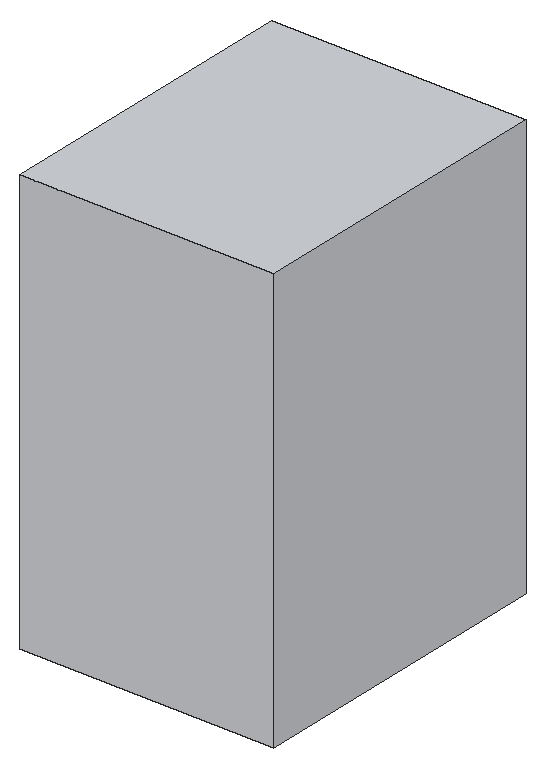
Revit family
Parameters
  r = 0' - 0 1/32"
  opening [instance] = 0' - 5"
  box width = 1' - 0 3/4"
  box height = 2' - 2 1/2"
  box depth = 0' - 4"
  Warranty Duration (Years) = 0
  Unit Width [instance] = 1' - 2 1/4"
  Unit Height [instance] = 2' - 4"
  Unit Depth = 0' - 0 1/2"
  URL = "http://www.americanspecialties.com/viewCategories.cfm"
  Trim Material = Metal - Stainless Steel
  Test Data = ""
  Specification = "http://www.arcat.com/sdspecs/htm/10810asi.htm"
  SpecWizard = ""
  Send Message = "http://www.arcat.com/users.pl?action=UserEmail&company=American%20Specialties,%20Inc.&coid=30448&rep=139&fax=914-476-0688&mf="
  Sales Information = "http://www.americanspecialties.com/contact"
  Revision = "R1_10-2010"
  Product Properties = "http://www.americanspecialties.com/datasheets/6459.pdf"
  Product Data = "http://www.arcat.com/arcatcos/cos30/arc30448.html"
  Model = "As Specified in 10 28 13"
  Manufacturer Website = "http://www.americanspecialties.com/viewCategories.cfm"
  Manufacturer Phone - Toll Free = ""
  Manufacturer Phone = "914-476-9000 "
  Manufacturer Fax = "914-476-0688"
  Manufacturer Address = "441 Saw Mill River Rd., Yonkers, NY 10701"
  Manufacturer = "American Specialties, Inc."
  Maintenance Schedule (Months) = 0
  Keynote = "10 28 13"
  Installation-Fabrication = "http://www.americanspecialties.com/products.cfm"
  Green Building-LEED = ""
  Expected Lifespan (Years) = 0
  Drawn By = "Robert S. Weygant. CSI, CDT, SCIP"  # constant formula
  Description = "Toilet Accessory as Specified in 10 28 13"
  Default Elevation = 4' - 0"
  Copyright = "©Arcat Inc."
  Construction Details = "http://www.arcat.com/green/clients/leed_data_30448.html"
  Building Codes = "http://www.americanspecialties.com/products.cfm"
  Body Material = Metal - Stainless Steel
  Assembly Code = "C1030210"
Reference planes (in)
  plane 1 "Center (Front/Back)": y = -0.29112
  plane 2 "Floor Line": z = 0
  plane 3 "Center (Left/Right)": x = -0.65843
Forms (in)
  Extrusion 1, solid
    sketch origin (-3, -9, -6) x (0, 0, -1) y (1, 0, 0)
      loop
        line (-82, 26) -> (-82, -19.34712) -> (-6, -19.34712) -> (-6, 26) -> (-82, 26)
    from 15.29112 to -41.06337
  Extrusion 2, solid, material "Metal - Stainless Steel" <- "Body Material"
    sketch origin (0, 0, 0) x (1, 0, 0) y (0, 1, 0)
      loop
        line (-7.03343, 12.95888) -> (-7.03343, -13.54112) -> (5.71657, -13.54112) -> (5.71657, 12.95888) -> (-7.03343, 12.95888)
    from -0.22439 to -4.22439
  Extrusion 3, solid, material "Metal - Stainless Steel" <- "Body Material"
    sketch origin (-0.90625, -0.29112, 0) x (1, 0, 0) y (0, 0, 1)
      loop
        line (-6.87718, -0.22439) -> (7.37282, -0.22439) -> (7.37282, 0.24436)
        arc (7.37282, 0.24436) -> (7.36366, 0.26646) -> (7.34157, 0.27561) r 0.03125
        line (7.34157, 0.27561) -> (-6.84593, 0.27561)
        arc (-6.84593, 0.27561) -> (-6.86803, 0.26646) -> (-6.87718, 0.24436) r 0.03125
        line (-6.87718, 0.24436) -> (-6.87718, -0.22439)
    from -14 to 14
  Extrusion 4, void
    sketch origin (0, 0, 0) x (1, 0, 0) y (0, 1, 0)
      loop
        line (-6.78343, 12.70888) -> (-6.78343, 7.70888) -> (5.46657, 7.70888) -> (5.46657, 12.70888) -> (-6.78343, 12.70888)
    from 0 to 0.27561
  Extrusion 5, solid, material "Metal - Stainless Steel" <- "Body Material"
    sketch origin (0, 0, 0) x (1, 0, 0) y (0, 1, 0)
      loop
        line (-6.78343, 12.70888) -> (-6.78343, 7.70888) -> (5.46657, 7.70888) -> (5.46657, 12.70888) -> (-6.78343, 12.70888)
    from 0 to 0.27561
  Extrusion 6, solid, material "Metal - Stainless Steel" <- "Trim Material"
    sketch origin (0, 0, 0) x (1, 0, 0) y (0, 1, 0)
      loop
        circle (3.77968, 8.75151) r 0.5
    from 0.27561 to 0.30686
  Extrusion 7, solid, material "Metal - Stainless Steel" <- "Trim Material"
    sketch origin (-9.69703, -9.04263, 0) x (1, 0, 0) y (0, 1, 0)
      loop
        circle (3.77968, 8.75151) r 0.25
    from 0.27561 to 0.30686
  Extrusion 8, void
    sketch origin (0, 0, 0) x (1, 0, 0) y (0, 1, 0)
      loop
        line (-7.03343, 12.95888) -> (-7.03343, -13.54112) -> (5.71657, -13.54112) -> (5.71657, 12.95888) -> (-7.03343, 12.95888)
    from 0 to -4.22439
Cuts and joins
  Extrusion 4 cuts Extrusion 2
  Extrusion 4 cuts Extrusion 3
Dimensions and locks (in)
  Extrusion 3 sketch curve to Extrusion 3 sketch curve = 1' - 2 1/4"
  Extrusion 3 sketch curve to Extrusion 3 sketch curve = 0' - 0 1/2"
  locked: Extrusion 5 to Extrusion 6 sketch curve at 1.04263
  locked: Extrusion 6 sketch curve to Extrusion 5 at 1.68689
  "r": radius of Extrusion 3 sketch curve  (x2)
  aligned and locked: Extrusion 1 to level
  aligned and locked: Extrusion 2 to Extrusion 3
  aligned and locked: Extrusion 4 to level
  aligned and locked: cut or joined group of Extrusion 3, Extrusion 4 to Extrusion 5 sketch curve
  aligned and locked: Extrusion 5 sketch curve to cut or joined group of Extrusion 3, Extrusion 4  (x3)
  aligned and locked: Extrusion 5 to level
Automatic sketch dimensions
  Extrusion 1 sketch curve to Extrusion 1 sketch curve = 6' - 4"
  Extrusion 1 sketch curve to Extrusion 1 sketch curve = 3' - 9.34712"
  Extrusion 2 sketch curve to plane 3 "Center (Left/Right)" = 0' - 6 3/8"
  plane 3 "Center (Left/Right)" to Extrusion 2 sketch curve = 0' - 6 3/8"
  plane 1 "Center (Front/Back)" to Extrusion 2 sketch curve = 1' - 1 1/4"
  Extrusion 2 sketch curve to plane 1 "Center (Front/Back)" = 1' - 1 1/4"
  level to Extrusion 3 sketch curve = 0' - 0.24436"
  Extrusion 3 sketch curve to plane 3 "Center (Left/Right)" = 0' - 7 1/8"
  Extrusion 4 sketch curve to plane 3 "Center (Left/Right)" = 0' - 6 1/8"
  plane 3 "Center (Left/Right)" to Extrusion 4 sketch curve = 0' - 6 1/8"
  Extrusion 4 sketch curve to plane 1 "Center (Front/Back)" = 0' - 8"
  Extrusion 4 sketch curve to Extrusion 4 sketch curve = 0' - 5"
  Extrusion 7 sketch curve to plane 1 "Center (Front/Back)" = 0' - 0"
  Extrusion 7 sketch curve to plane 3 "Center (Left/Right)" = 0' - 5.25892"
  Extrusion 8 sketch curve to plane 3 "Center (Left/Right)" = 0' - 6 3/8"
  plane 3 "Center (Left/Right)" to Extrusion 8 sketch curve = 0' - 6 3/8"
  plane 1 "Center (Front/Back)" to Extrusion 8 sketch curve = 1' - 1 1/4"
  Extrusion 8 sketch curve to plane 1 "Center (Front/Back)" = 1' - 1 1/4"
  radius of Extrusion 6 sketch curve = 0' - 0 1/2"
  radius of Extrusion 7 sketch curve = 0' - 0 1/4"
